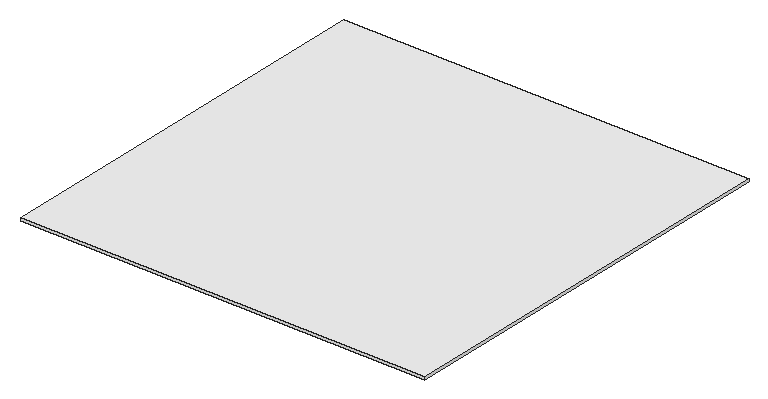
Revit family "WM-MN Skimmend 25mm Family", category Generic Models, host Ceiling, Revit 2017
Family settings
  Host = Ceiling
  Can host rebar = No
  Round Connector Dimension = Use Diameter
  Part Type = Normal
  Always vertical = Yes
  Cut with Voids When Loaded = No
  Shared = No
  Room Calculation Point = No
Parameters (values of type "Lamdaboard")
  width = 4000 mm
  thickness = 25 mm
  material = White
  lenght = 4000 mm
  URL = "www.rigifoam.com"
  Type Comments = "duncan@rigifoam.com"
  Thermal Resistance = 1.0400 (m²·K)/W
  Thermal Conductivity = 0.0240 W/(m·K)
  Model = "WM/MN Skimmend 25mm"
  Manufacturer = "Lambdaboard"
  Description = "Flexible PIR Insulation"
  Density = 40.0000 kg/m³
Reference planes
  plane 1 "Center (Front/Back)": y = 0
  plane 2: z = 0
  plane 3 "Center (Left/Right)": x = 0
  plane 4 "Ceiling": z = 4000
Forms (mm)
  Extrusion 1, solid, material "White" <- "material"
    sketch origin (0, 0, 4000) x (0, 1, 0) y (-1, 0, 0)
      loop
        line (2000, 2000) -> (-2000, 2000) -> (-2000, -2000) -> (2000, -2000) -> (2000, 2000)
    from -25 to 0
Dimensions and locks
  equal spacing: host sketch curve, plane 3 "Center (Left/Right)", host sketch curve
  equal spacing: host sketch curve, plane 1 "Center (Front/Back)", host sketch curve
  host sketch curve to host sketch curve = 4000 mm  (x2)
  plane 4 "Ceiling" to host ceiling = 0 mm
  "width": Extrusion 1 to Extrusion 1
  Extrusion 1 to plane 1 "Center (Front/Back)" = 2000 mm
  plane 1 "Center (Front/Back)" to Extrusion 1 = 2000 mm
  "lenght": Extrusion 1 to Extrusion 1
  Extrusion 1 to plane 3 "Center (Left/Right)" = 2000 mm
  plane 3 "Center (Left/Right)" to Extrusion 1 = 2000 mm
  "thickness": Extrusion 1 to Extrusion 1
Automatic sketch dimensions
  plane 1 "Center (Front/Back)" to Extrusion 1 sketch curve = 2000 mm
  Extrusion 1 sketch curve to plane 1 "Center (Front/Back)" = 2000 mm
  plane 3 "Center (Left/Right)" to Extrusion 1 sketch curve = 2000 mm
  Extrusion 1 sketch curve to plane 3 "Center (Left/Right)" = 2000 mm
